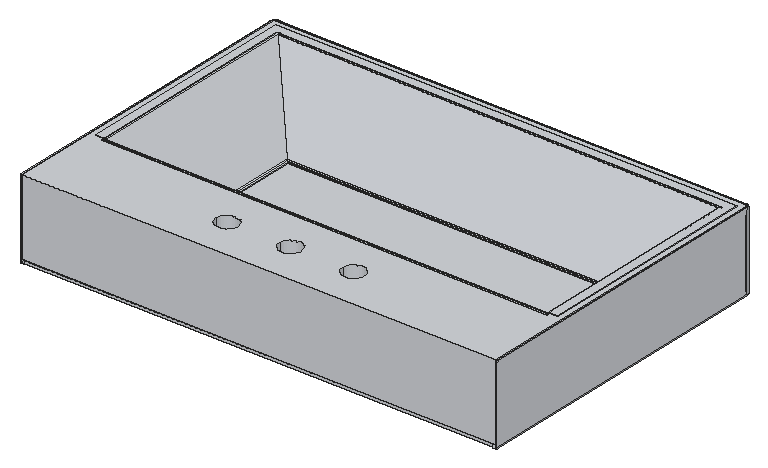
Revit family "M_Sink Bathroom Wall Hung_2", category 위생기구, Revit 2026
Family settings
  호스트 = 벽
  원형 커넥터 치수 = 지름 사용
  부품 유형 = 보통
  뷰에서 절단 사용 = 아니오
  항상 수직 = 예
  로드될 때 보이드를 사용하여 절단 = 아니오
  주석 방향 유지 = 아니오
  공유 = 아니오
  룸 계산 점 = 아니오
Parameters (values of type "650 x 500mm")
  기본 높이 = 0 mm
  Material = none
  제조업체 = "Revit"
  조합 코드 = "D2010440"
Reference planes
  plane 1: y = 0
  plane 2 "Center (Left/Right)": x = 125
  plane 3 "Back": y = 75
Text (mm)
  text "Placement side" at (-1787.139, 592.35, 0), in view "Ref. Level"
  text "Placement side" at (0, 1827.695, 2917.686), in view "Left"
  text "Placement side" at (0, 562.268, 3853.606), in view "Right"
Dimensions and locks
  locked: plane 3 "Back" to host wall at 0
  aligned and locked: host wall to plane 1
  aligned and locked: plane 3 "Back" to nested 1
Nested families
  nested 1: "Sink_2" at (125, 75, 750), type "650 x 500mm"
Definition of nested family "Sink_2"
  Parameters
    Default Elevation = 0 mm
    Material = none
    Manufacturer = "Revit"
    Assembly Code = "D2010440"
  Reference planes
    plane 1 "Center (Front/Back)": y = 0
    plane 2: z = 0
    plane 3 "Center (Left/Right)": x = 0
    plane 4: x = -134.49
    plane 5: x = -249.489
    plane 6: x = -224.489
  Forms (mm)
    Sweep 1, solid
      path origin (-125, -75, 0) x (1, 0, 0) y (0, 1, 0)
        loop
          line (-223.531, 210) -> (-223.531, 550) -> (476.469, 550) -> (476.469, 210)
      profile origin (0, 305, 0) x (-1, 0, 0) y (0, 0, 1)
        loop
          line (363.392, 115) -> (363.392, 120) -> (349.501, 120)
          arc (349.501, 120) -> (348.531, 119.749) -> (347.805, 119.06) r 2
          line (347.805, 119.06) -> (273.98, 0.94)
          arc (273.98, 0.94) -> (273.253, 0.251) -> (272.284, 0) r 2
          line (272.284, 0) -> (268.039, 0) -> (268.039, -5.042) -> (276.137, -5.042) -> (351.163, 115) -> (363.392, 115)
    Sweep 2, solid
      path origin (-125, -75, 0) x (1, 0, 0) y (0, 1, 0)
        loop
          line (-226.163, 205) -> (479.101, 205)
      profile origin (1.469, 0, 0) x (0, 1, 0) y (0, 0, 1)
        loop
          line (149.827, 1.749) -> (135.102, 118.251)
          arc (135.102, 118.251) -> (134.441, 119.5) -> (133.118, 120) r 2
          line (133.118, 120) -> (129.881, 120) -> (145.686, -5.042) -> (155.686, -5.042) -> (155.686, 0) -> (151.811, 0)
          arc (151.811, 0) -> (150.489, 0.5) -> (149.827, 1.749) r 2
    Extrusion 3, solid
      sketch origin (-125, -75, 0) x (1, 0, 0) y (0, 1, 0)
        loop
          arc (-245.531, 573) -> (-247.653, 572.121) -> (-248.531, 570) r 3
          line (-248.531, 570) -> (-248.531, 75) -> (501.469, 75) -> (501.469, 570)
          arc (501.469, 570) -> (500.59, 572.121) -> (498.469, 573) r 3
          line (498.469, 573) -> (-245.531, 573)
        loop
          circle (25.511, 139.361) r 17.5
        loop
          circle (125.511, 139.361) r 17.5
        loop
          circle (225.511, 139.361) r 17.5
        loop
          line (479.101, 550) -> (-226.163, 550) -> (-226.163, 205) -> (479.101, 205) -> (479.101, 550)
      from 0 to 120
    Sweep 4, solid
      path origin (-125, -75, 0) x (1, 0, 0) y (0, 1, 0)
        loop
          line (-248.531, 75) -> (-248.531, 570)
          arc (-248.531, 570) -> (-247.067, 573.536) -> (-243.531, 575) r 5
          line (-243.531, 575) -> (496.469, 575)
          arc (496.469, 575) -> (500.004, 573.536) -> (501.469, 570) r 5
          line (501.469, 570) -> (501.469, 75)
      profile origin (0, 247.5, 0) x (-1, 0, 0) y (0, 0, 1)
        loop
          line (373.531, 120) -> (373.531, -5) -> (374.531, -5)
          arc (374.531, -5) -> (375.238, -4.707) -> (375.531, -4) r 1
          line (375.531, -4) -> (375.531, 119)
          arc (375.531, 119) -> (375.238, 119.707) -> (374.531, 120) r 1
          line (374.531, 120) -> (373.531, 120)
    Extrusion 5, solid
      sketch origin (-125, -75, 0) x (1, 0, 0) y (0, 1, 0)
        loop
          arc (-248.531, 80) -> (-247.067, 76.464) -> (-243.531, 75) r 5
          line (-243.531, 75) -> (496.469, 75)
          arc (496.469, 75) -> (500.004, 76.464) -> (501.469, 80) r 5
          line (501.469, 80) -> (501.469, 570)
          arc (501.469, 570) -> (500.004, 573.536) -> (496.469, 575) r 5
          line (496.469, 575) -> (-243.531, 575)
          arc (-243.531, 575) -> (-247.067, 573.536) -> (-248.531, 570) r 5
          line (-248.531, 570) -> (-248.531, 80)
        loop
          circle (125.51, 275) r 23
      from -5.042 to 0
  Lines and regions (mm)
    symbolic lines
      curve 1: spline (-13.969, 136.838, 0) -> (-13.543, 137.579, 0) -> (-12.294, 138.271, 0) -> (-10.308, 138.864, 0) -> (-7.719, 139.32, 0) -> (-4.704, 139.606, 0) -> (-1.469, 139.704, 0) -> (1.766, 139.606, 0) -> (4.781, 139.32, 0) -> (7.37, 138.864, 0) -> (9.357, 138.271, 0) -> (10.605, 137.579, 0) -> (11.031, 136.838, 0)
      curve 2: spline (-13.969, 136.838, 0) -> (-13.543, 136.096, 0) -> (-12.294, 135.405, 0) -> (-10.308, 134.811, 0) -> (-7.719, 134.356, 0) -> (-4.704, 134.069, 0) -> (-1.469, 133.972, 0) -> (1.766, 134.069, 0) -> (4.781, 134.356, 0) -> (7.37, 134.811, 0) -> (9.357, 135.405, 0) -> (10.605, 136.096, 0) -> (11.031, 136.838, 0)
      curve 3: line (370, 500, 0) -> (-370, 500, 0)
      curve 4: arc (-370, 500, 0) -> (-373.536, 498.536, 0) -> (-375, 495, 0) r 5
      curve 5: line (-375, 495, 0) -> (-375, 0, 0)
      curve 6: line (-375, 0, 0) -> (375, 0, 0)
      curve 7: line (375, 0, 0) -> (375, 495, 0)
      curve 8: arc (375, 495, 0) -> (373.536, 498.536, 0) -> (370, 500, 0) r 5
      curve 9: line (345, 475, 0) -> (-345, 475, 0)
      curve 10: arc (-345, 475, 0) -> (-348.536, 473.536, 0) -> (-350, 470, 0) r 5
      curve 11: line (-350, 470, 0) -> (-350, 135, 0)
      curve 12: arc (-350, 135, 0) -> (-348.536, 131.464, 0) -> (-345, 130, 0) r 5
      curve 13: line (-345, 130, 0) -> (345, 130, 0)
      curve 14: arc (345, 130, 0) -> (348.536, 131.464, 0) -> (350, 135, 0) r 5
      curve 15: line (350, 135, 0) -> (350, 470, 0)
      curve 16: arc (350, 470, 0) -> (348.536, 473.536, 0) -> (345, 475, 0) r 5
      curve 17: line (-348.555, 473.516, 0) -> (-270.329, 393.13, 0)
      curve 18: line (348.536, 473.536, 0) -> (268.13, 393.13, 0)
      curve 19: line (-347.276, 130.548, 0) -> (-270.329, 146.03, 0)
      curve 20: line (347.255, 130.537, 0) -> (268.13, 146.03, 0)
      curve 21: line (268.13, 388.13, 0) -> (268.13, 151.03, 0)
      curve 22: arc (268.13, 151.03, 0) -> (266.665, 147.494, 0) -> (263.13, 146.03, 0) r 5
      curve 23: line (263.13, 146.03, 0) -> (-265.329, 146.03, 0)
      curve 24: arc (-265.329, 146.03, 0) -> (-268.865, 147.494, 0) -> (-270.329, 151.03, 0) r 5
      curve 25: line (-270.329, 151.03, 0) -> (-270.329, 388.13, 0)
      curve 26: arc (-270.329, 388.13, 0) -> (-268.865, 391.665, 0) -> (-265.329, 393.13, 0) r 5
      curve 27: line (-265.329, 393.13, 0) -> (263.13, 393.13, 0)
      curve 28: arc (263.13, 393.13, 0) -> (266.665, 391.665, 0) -> (268.13, 388.13, 0) r 5
      curve 29: arc (36.031, 200, 0) -> (-1.469, 237.5, 0) -> (-38.969, 200, 0) r 37.5
      curve 30: arc (-38.969, 200, 0) -> (-1.469, 162.5, 0) -> (36.031, 200, 0) r 37.5
      curve 31: arc (-1.469, 177, 0) -> (-24.469, 200, 0) -> (-1.469, 223, 0) r 23
      curve 32: arc (-1.469, 223, 0) -> (21.531, 200, 0) -> (-1.469, 177, 0) r 23
      curve 33: arc (-82.5, 70, 0) -> (-100, 87.5, 0) -> (-117.5, 70, 0) r 17.5
      curve 34: arc (-117.5, 70, 0) -> (-100, 52.5, 0) -> (-82.5, 70, 0) r 17.5
      curve 35: arc (-17.5, 70, 0) -> (0, 52.5, 0) -> (17.5, 70, 0) r 17.5
      curve 36: arc (17.5, 70, 0) -> (0, 87.5, 0) -> (-17.5, 70, 0) r 17.5
      curve 37: arc (82.5, 70, 0) -> (100, 52.5, 0) -> (117.5, 70, 0) r 17.5
      curve 38: arc (117.5, 70, 0) -> (100, 87.5, 0) -> (82.5, 70, 0) r 17.5
